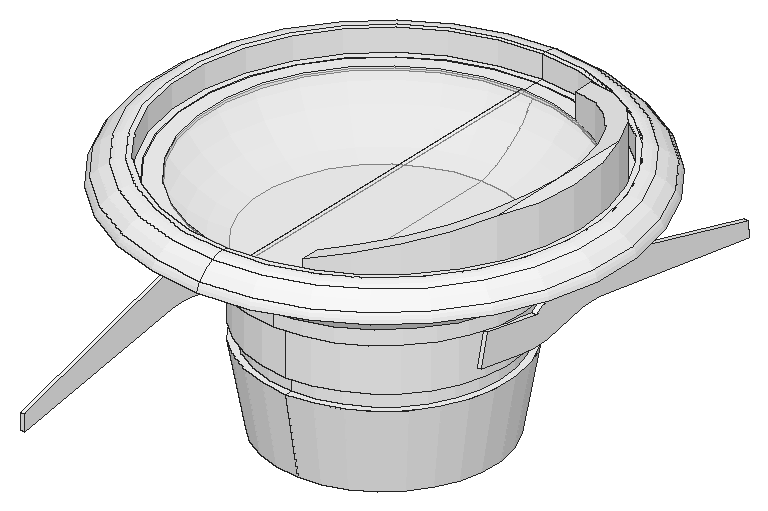
Revit family "LBRA-6RW", category Lighting Fixtures, host Face, Revit 2021
Family settings
  Host = Face
  Round Connector Dimension = Use Diameter
  Part Type = Normal
  OmniClass Number = 23.80.70.11
  OmniClass Title = Luminaries for Internal Lighting
  Cut with Voids When Loaded = No
  Light Source = Yes
  Shared = No
  Room Calculation Point = No
Parameters (values of type "LBRA-6RW")
  Width = 7.64"
  Wattage = 17 W
  built-in parameter 1150110 = 1 (stored number, unit not read)
  Voltage = 120 V
  Wattage Comments = "11.5W"
  URL = "https://www.currentlighting.com/prescolite"
  built-in parameter 1114217 = 1 (stored number, unit not read)
  Tilt Angle = -90.00°
  built-in parameter 1150109 = 1 (stored number, unit not read)
  built-in parameter 1150134 = (empty or 0)
  built-in parameter 1150113 = 1 (stored number, unit not read)
  Product Page URL = ""
  Product Documentation Link = ""
  Watts = 17 W
  Photometric Web File = "LBRA-6RW-T-10LCS9-WH_27K.IES"
  Model = "LBRA-6RW"  # constant formula
  Manufacturer = "Prescolite Lighting"  # constant formula
  built-in parameter 1150105 = 78.463 (stored number, unit not read)
  Lumens = 986 lm
  built-in parameter 1150115 = 1 (stored number, unit not read)
  built-in parameter 1150137 = (empty or 0)
  built-in parameter 1150139 = (empty or 0)
  built-in parameter 1150112 = 1 (stored number, unit not read)
  built-in parameter 1150114 = 1 (stored number, unit not read)
  Lamp = "LED Lamp"
  Inner Width = 6.10"
  built-in parameter 1150132 = (empty or 0)
  built-in parameter 1150102 = (empty or 0)
  built-in parameter 1150107 = 3000 (stored number, unit not read)
  built-in parameter 1150138 = (empty or 0)
  built-in parameter 1150106 = 0.78463 (stored number, unit not read)
  Glass = White Glass
  Features = "4 inch and 6 inch aperture retrofit downlight and wall wash trim\r\n700 or 1000 nominal delivered lumens \r\nSwitchable CCT – 2700K/3000K/3500K/4000K/5000K \r\n90 CRI standard \r\nUniversal Voltage (120-277V), ideal for commercial applications \r\nPhase Dimmable to 5% (120V Triac/ELV) \r\nRetrofit into existing incandescent recessed housings with accessory or use with compatible dedicated LED Quick Link housings\r\n"  # constant formula
  built-in parameter 1150104 = 5.3884 (stored number, unit not read)
  Dimming Lamp Color Temperature Shift = <None>
  Description = "The LiteBox® A-Series is a family of retrofit trims that can be used with dedicated LiteBox LED QuickLink housings or installed into existing incandescent recessed housings with a socket adapter accessory."  # constant formula
  Default Elevation = 48.00"
  Contact us = ""
  Color Filter = 16777215
  Certifications = "cETLus listed to UL1598\r\n• Can be used in direct contact with insulation\r\n(IC Rated)\r\n• Suitable for wet locations, covered ceiling\r\n• Suitable for use in clothes closets when\r\ninstalled in accordance to N.E.C. 410.16\r\n• ENERGY STAR® certified\r\n• Meets CA Title 24 High Efficacy (JA8-2019)\r\nrequirements"  # constant formula
  CRI = "90+ CRI"
  built-in parameter 1114218 = 1 (stored number, unit not read)
  Backbox = White
  built-in parameter 1150133 = 10 (stored number, unit not read)
  Apparent Load = 0 VA
Reference planes (in)
  plane 1 "Center (Front/Back)": y = -8.21443
  plane 2: z = 0
  plane 3 "Center (Left/Right)": x = 1.66944
  plane 4: x = -1.09056
  plane 5: x = 4.42944
  plane 6: x = 5.32944
  plane 7: x = -1.99056
  plane 8: y = -4.39443
  plane 9: y = -12.03443
  plane 10: z = 1.34
  plane 11: z = -3.8
  plane 12: y = -11.26443
  plane 13: y = -5.16443
Forms (in)
  Revolve 1, solid, material "White" <- "Backbox"
    sketch origin (1.66944, 0, 0) x (0, 1, 0) y (0, 0, 1)
      loop
        line (-11.42818, 0.36161) -> (-11.5061, 0.36161)
        arc (-11.5061, 0.36161) -> (-11.61243, 0.34837) -> (-11.71226, 0.30944) r 0.43339
        arc (-11.71226, 0.30944) -> (-11.84723, 0.21853) -> (-11.96215, 0.10332) r 0.84033
        arc (-11.96215, 0.10332) -> (-12.0033, 0.03844) -> (-12.02759, -0.03445) r 0.316
        line (-12.02759, -0.03445) -> (-11.03287, -0.03445) -> (-11.03287, -0.00345) -> (-11.42818, -0.00345) -> (-11.42818, 0.36161)
      axis (-8.21443, 0.36161) -> (-8.21443, -0.03445)
    angle from 0 to 360
  Revolve 2, solid, material "White Glass" <- "Glass"
    sketch origin (1.66944, 0, -0.03125) x (0, 1, 0) y (0, 0, 1)
      loop
        line (-8.21443, -0.00078) -> (-8.21443, 0.05625) -> (-11.03443, 0.05625) -> (-11.03443, -0.00078) -> (-8.21443, -0.00078)
      axis (-8.21443, 0.05625) -> (-8.21443, -0.00078)
    angle from 0 to 360
  Revolve 3, solid, material "White" <- "Backbox"
    sketch origin (1.66944, 0, 0) x (0, 1, 0) y (0, 0, 1)
      loop
        arc (-11.42818, -0.00345) -> (-11.04611, -0.58278) -> (-10.46678, -0.96485) r 1.7264
        line (-10.46678, -0.96485) -> (-10.46678, -1.21485) -> (-10.21678, -1.21485) -> (-10.21678, -2.06255) -> (-10.10093, -2.06255) -> (-10.10093, -2.31255) -> (-10.21678, -2.31255) -> (-9.98218, -3.61678) -> (-8.21443, -3.61678) -> (-8.21443, -0.94443) -> (-10.20111, -0.94443)
        arc (-10.20111, -0.94443) -> (-10.8722, -0.60673) -> (-11.31993, -0.00345) r 1.6264
        line (-11.31993, -0.00345) -> (-11.42818, -0.00345)
      axis (-8.21443, -0.00345) -> (-8.21443, -3.61678)
    angle from 0 to 360
  Extrusion 4, solid, material "White" <- "Backbox"
    sketch origin (-0.57088, 0, 0) x (0, 1, 0) y (0, 0, 1)
      loop
        line (-7.75422, -1.35502) -> (-8.73903, -1.52867)
        arc (-8.73903, -1.52867) -> (-9.29475, -1.26029) -> (-9.91021, -1.21485) r 1.65018
        line (-9.91021, -1.21485) -> (-13.04947, -2.05601) -> (-13.04947, -2.30601) -> (-10.05372, -1.83153)
        arc (-10.05372, -1.83153) -> (-9.85419, -1.81778) -> (-9.65535, -1.8393) r 1.13415
        line (-9.65535, -1.8393) -> (-8.96001, -1.97741)
        arc (-8.96001, -1.97741) -> (-8.7037, -2.00401) -> (-8.44688, -1.98293) r 1.39261
        line (-8.44688, -1.98293) -> (-7.62481, -1.83798) -> (-7.75422, -1.35502)
    from 0.18025 to 0.25023
  Extrusion 5, solid, material "White" <- "Backbox"
    sketch origin (3.90977, -16.42886, 0) x (0, -1, 0) y (0, 0, 1)
      loop
        line (-7.75422, -1.35502) -> (-8.73903, -1.52867)
        arc (-8.73903, -1.52867) -> (-9.29475, -1.26029) -> (-9.91021, -1.21485) r 1.65018
        line (-9.91021, -1.21485) -> (-13.04947, -2.05601) -> (-13.04947, -2.30601) -> (-10.05372, -1.83153)
        arc (-10.05372, -1.83153) -> (-9.85419, -1.81778) -> (-9.65535, -1.8393) r 1.13415
        line (-9.65535, -1.8393) -> (-8.96001, -1.97741)
        arc (-8.96001, -1.97741) -> (-8.7037, -2.00401) -> (-8.44688, -1.98293) r 1.39261
        line (-8.44688, -1.98293) -> (-7.62481, -1.83798) -> (-7.75422, -1.35502)
    from 0.18025 to 0.25023
  Extrusion 6, solid, material "White" <- "Backbox"
    sketch origin (0, 0, 0) x (1, 0, 0) y (0, 1, 0)
      loop
        arc (2.68723, -11.14841) -> (4.77495, -8.21443) -> (2.68723, -5.28045) r 3.1055
        line (2.68723, -5.28045) -> (2.68723, -5.58451)
        arc (2.68723, -5.58451) -> (4.48944, -8.21443) -> (2.68723, -10.84435) r 2.82
        line (2.68723, -10.84435) -> (2.68723, -11.14841)
    from 0 to 0.95648
  Extrusion 7, void
    sketch origin (0, -8.21443, 0) x (1, 0, 0) y (0, 0, 1)
      loop
        line (2.46013, 0.36818) -> (4.84039, 1.05071) -> (2.46013, 1.05071) -> (2.46013, 0.36818)
    from -3.63154 to 3.82858
Cuts and joins
  Extrusion 7 cuts Extrusion 6
Dimensions and locks (in)
  plane 6 to plane 7 = 7.32"
  "Width": plane 8 to plane 9
  equal spacing: plane 8, plane 1 "Center (Front/Back)", plane 9
  "Inner Width": plane 13 to plane 12
  equal spacing: plane 13, plane 1 "Center (Front/Back)", plane 12
  aligned and locked: plane 2 to host face
  aligned and locked: level to host face
  aligned and locked: imposter light to plane 1 "Center (Front/Back)"
  aligned and locked: plane 3 "Center (Left/Right)" to imposter light
Automatic sketch dimensions
  host sketch curve to host sketch curve = 96.00"
  host sketch curve to host sketch curve = 112.80516"
  Revolve 1 sketch curve to plane 1 "Center (Front/Back)" = 0.00"
  Revolve 1 sketch curve to level = 0.03445"
  Revolve 1 sketch curve to plane 12 = 0.23156"
  plane 12 to Revolve 1 sketch curve = 0.04809"
  plane 12 to Revolve 1 sketch curve = 0.16375"
  Revolve 1 sketch curve to Revolve 1 sketch curve = 0.07792"
  Revolve 1 sketch curve to level = 0.09713"
  Revolve 1 sketch curve to Revolve 1 sketch curve = 0.21176"
  Revolve 1 sketch curve to plane 9 = 0.00684"
  Revolve 1 sketch curve to level = 0.42973"
  Revolve 1 sketch curve to level = 0.07178"
  Revolve 1 sketch curve to level = 0.00345"
  level to Revolve 1 sketch curve = 0.36161"
  Revolve 1 sketch curve to Revolve 1 sketch curve = 0.00"
  Revolve 1 sketch curve to plane 11 = 23.03"
  plane 10 to Revolve 1 sketch curve = 53.9676"
  Revolve 2 sketch curve to plane 1 "Center (Front/Back)" = 0.00"  (x2)
  Revolve 2 sketch curve to level = 0.03203"
  Revolve 2 sketch curve to plane 12 = 0.23"
  level to Revolve 2 sketch curve = 0.025"
  Revolve 2 sketch curve to plane 11 = 23.06125"
  plane 10 to Revolve 2 sketch curve = 53.5984"
  Revolve 3 sketch curve to Revolve 3 sketch curve = 0.00"  (x2)
  Revolve 3 sketch curve to plane 1 "Center (Front/Back)" = 0.00"  (x2)
  level to Revolve 3 sketch curve = 0.63797"
  Revolve 3 sketch curve to plane 12 = 1.43907"
  plane 11 to Revolve 3 sketch curve = 0.18322"
  Revolve 3 sketch curve to plane 12 = 1.28225"
  Revolve 3 sketch curve to plane 12 = 1.1635"
  Revolve 3 sketch curve to plane 12 = 1.06332"
  Revolve 3 sketch curve to Revolve 3 sketch curve = 0.11586"  (x2)
  Revolve 3 sketch curve to Revolve 3 sketch curve = 0.25"  (x2)
  Revolve 3 sketch curve to level = 0.00345"
  plane 12 to Revolve 3 sketch curve = 0.0555"
  Revolve 3 sketch curve to Revolve 3 sketch curve = 0.10825"
  Revolve 3 sketch curve to Revolve 3 sketch curve = 1.30423"
  Revolve 3 sketch curve to Revolve 3 sketch curve = 0.27042"
  Revolve 3 sketch curve to plane 11 = 20.20"
  plane 10 to Revolve 3 sketch curve = 53.9676"
  plane 9 to Extrusion 4 sketch curve = 1.01504"
  Extrusion 4 sketch curve to plane 12 = 1.21071"
  Extrusion 4 sketch curve to Extrusion 4 sketch curve = 0.14351"
  Extrusion 4 sketch curve to Extrusion 4 sketch curve = 0.17742"
  Extrusion 4 sketch curve to Extrusion 4 sketch curve = 0.15445"
  Extrusion 4 sketch curve to Extrusion 4 sketch curve = 0.39837"
  Extrusion 4 sketch curve to Extrusion 4 sketch curve = 0.69533"
  Extrusion 4 sketch curve to Extrusion 4 sketch curve = 0.22098"
  plane 1 "Center (Front/Back)" to Extrusion 4 sketch curve = 0.47428"
  plane 1 "Center (Front/Back)" to Extrusion 4 sketch curve = 0.23245"
  Extrusion 4 sketch curve to plane 1 "Center (Front/Back)" = 0.46021"
  Extrusion 4 sketch curve to Extrusion 4 sketch curve = 0.12941"
  plane 11 to Extrusion 4 sketch curve = 0.84829"
  Extrusion 4 sketch curve to Extrusion 4 sketch curve = 0.09747"
  plane 11 to Extrusion 4 sketch curve = 1.49399"
  Extrusion 4 sketch curve to Extrusion 4 sketch curve = 0.25"
  Extrusion 4 sketch curve to Extrusion 4 sketch curve = 0.87131"
  Extrusion 4 sketch curve to Extrusion 4 sketch curve = 0.00553"
  Extrusion 4 sketch curve to Extrusion 4 sketch curve = 0.13811"
  Extrusion 4 sketch curve to Extrusion 4 sketch curve = 0.14495"
  Extrusion 4 sketch curve to Extrusion 4 sketch curve = 0.44874"
  Extrusion 4 sketch curve to Extrusion 4 sketch curve = 0.48296"
  Extrusion 5 sketch curve to plane 8 = 1.01504"
  plane 13 to Extrusion 5 sketch curve = 1.21071"
  Extrusion 5 sketch curve to Extrusion 5 sketch curve = 0.14351"
  Extrusion 5 sketch curve to Extrusion 5 sketch curve = 0.17742"
  Extrusion 5 sketch curve to Extrusion 5 sketch curve = 0.15445"
  Extrusion 5 sketch curve to Extrusion 5 sketch curve = 0.39837"
  Extrusion 5 sketch curve to Extrusion 5 sketch curve = 0.69533"
  Extrusion 5 sketch curve to Extrusion 5 sketch curve = 0.22098"
  Extrusion 5 sketch curve to plane 1 "Center (Front/Back)" = 0.47428"
  Extrusion 5 sketch curve to plane 1 "Center (Front/Back)" = 0.23245"
  plane 1 "Center (Front/Back)" to Extrusion 5 sketch curve = 0.46021"
  Extrusion 5 sketch curve to Extrusion 5 sketch curve = 0.12941"
  plane 11 to Extrusion 5 sketch curve = 0.84829"
  Extrusion 5 sketch curve to Extrusion 5 sketch curve = 0.09747"
  plane 11 to Extrusion 5 sketch curve = 1.49399"
  Extrusion 5 sketch curve to Extrusion 5 sketch curve = 0.25"
  Extrusion 5 sketch curve to Extrusion 5 sketch curve = 0.87131"
  Extrusion 5 sketch curve to Extrusion 5 sketch curve = 0.00553"
  Extrusion 5 sketch curve to Extrusion 5 sketch curve = 0.13811"
  Extrusion 5 sketch curve to Extrusion 5 sketch curve = 0.14495"
  Extrusion 5 sketch curve to Extrusion 5 sketch curve = 0.44874"
  Extrusion 5 sketch curve to Extrusion 5 sketch curve = 0.48296"
  Extrusion 6 sketch curve to Extrusion 6 sketch curve = 0.00"  (x2)
  plane 1 "Center (Front/Back)" to Extrusion 6 sketch curve = 0.00"
  Extrusion 6 sketch curve to plane 3 "Center (Left/Right)" = 0.00"
  plane 13 to Extrusion 6 sketch curve = 0.11602"
  plane 3 "Center (Left/Right)" to Extrusion 6 sketch curve = 1.01779"
  Extrusion 6 sketch curve to Extrusion 6 sketch curve = 0.30406"
  Extrusion 6 sketch curve to plane 12 = 0.11602"
  plane 5 to Extrusion 7 sketch curve = 0.41095"
  Extrusion 7 sketch curve to plane 10 = 0.28929"
  level to Extrusion 7 sketch curve = 0.36818"
  plane 3 "Center (Left/Right)" to Extrusion 7 sketch curve = 0.79069"
Connectors (in)
  electrical at (1.66944, -8.21443, -0.00345), driven by "Apparent Load", driven by "Voltage"
    settings: on Revolve 1, index 1, voltage 120 V, apparent load 0 VA, apparent load phase1 0 VA, apparent load phase2 0 VA, apparent load phase3 0 VA, power factor 1, load classification "Other", number of poles 1, system type 30, power factor state 1, is connector primary yes, connector utility no, sub classification motor no, connector description "Lighting Connector"
